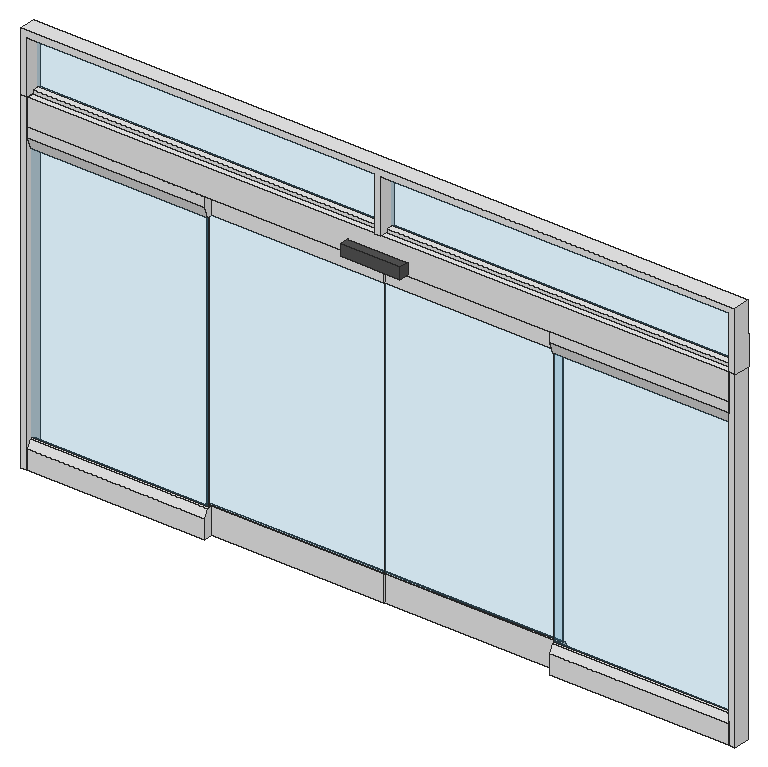
Revit family "Door_Sliding_AssaAbloy_AllGlass-Transom-BiPart", category Doors, host Wall, Revit 2023
Family settings
  Host = Wall
  OmniClass Number = 23.30.10.17.11
  OmniClass Title = Sliding Doors
  Always vertical = Yes
  Cut with Voids When Loaded = No
  Shared = No
  Room Calculation Point = No
Parameters (values of type "FSL 16 ft")
  Wall CL Offset Notes [instance] = "Use positive or negative values to determine location"  # constant formula
  Transom Height [instance] = 1' - 4"
  Standards Conformance = "as Specified"
  Rail Height_Bottom [instance] = 0' - 7"
  RO Offset = 0' - 0 1/4"
  Panel Thickness = 0' - 1 7/8"
  Panel Height [instance] = if(Include Threshold, Height - 0' 0 5/8" - 0' 7 1/8", Height - 0' 0 1/8" - 0' 7 1/8")  # 6' - 10 1/2"
  Offset from Wall CL [instance] = 0' - 0"
  Include Threshold [instance] = no
  Hardware Finish [instance] = Plastic - Black
  Glazing Type [instance] = ""
  Glazing Tint [instance] = Glass
  Glazing Thickness [instance] = 0' - 0 1/4"
  Glazing Configuration [instance] = ""
  Function = Interior
  Jamb Width = 0' - 1 3/4"
  Frame Thickness = 0' - 4 1/2"
  Frame Finish [instance] = Metal - Aluminum - Besam - Anodized - Clear
  Electrical_Voltage [instance] = 0 V
  Electrical_Frequency [instance] = 0 Hz
  Electrical_Amperage [instance] = 0 A
  Clear Opening Width = 6' - 10 1/8"
  Clear Opening Height [instance] = if(1 = 1, Height - 0' 8 7/8", 0' 0")  # 6' - 8 7/8"
  Panel Width = (((Width / 2) - Jamb Width) / 2) + (0' 1" / 2) + 0' 0 1/4"  # 3' - 11 7/8"
  Warranty Duration (Years) = 0
  URL = "http://www.besam-usa.com/en/besam/us/"
  Thickness = 0' - 0"  # constant formula
  Test Data = ""
  Specification = "http://www.arcat.com/sd/clients/besamaut.html?coid=30906"
  SpecWizard = "http://www.arcat.com/specwizard/clients/besamaut.html?coid=30906"
  Send Message = "http://www.arcat.com/users.pl?action=UserEmail&company=Besam%20Entrance%20Solutions&coid=30906&rep=141&fax=704-290-5555&mf="
  Sales Information = "http://www.besam-usa.com/en/besam/us/About-us/Contact-Us/"
  Rough Width = (Width + (RO Offset * 2))  # 16' - 0 1/2"
  Rough Height = (Height + (RO Offset))  # 7' - 6"
  Product Properties = "http://www.besam-usa.com/en/besam/us/Products/"
  Product Data = "http://www.arcat.com/arcatcos/cos30/arc30906.html"
  Manufacturer Website = "http://www.besam-usa.com/en/besam/us/"
  Manufacturer Phone - Toll Free = "877-SPEC-123"
  Manufacturer Fax = "704-290-5555"
  Manufacturer Address = "1900 Airport Rd., Monroe, NC 28110"
  Maintenance Schedule (Months) = 0
  Installation-Fabrication = "http://www.besam-usa.com/en/besam/us/Downloads/"
  Installation Phase = ""
  Green Building-LEED = "http://www.arcat.com/green/clients/leed_data_30906.html"
  Model = "Besam SL500 CGL BPT FSL16"
  Manufacturer = "ASSA ABLOY Entrance Systems"
  Keynote = "08463"
  Height = 7' - 5 3/4"
  Wall Closure = By host
  Width = 16' - 0"
  Fire Rating = "As Specified"
  Expected Lifespan (Years) = 0
  Drawn By = "Sumex Design, Inc. / Robert S. Weygant, CSI, CDT, SCIP"
  Description = "ASSA ABLOY All Glass BiPart Sliding Door - Besam SL500 CGL BPT FSL16 as Specified"
  Copyright = "©Arcat Inc."
  Construction Details = "http://www.arcat.com/details/besamaut/besamaut.html?coid=30906"
  Building Codes = ""
  Assembly Code = "B2030110"
Types (4): name | Clear Opening Width | Panel Width | Rough Width | Model | Width | Description
  FSL 16 ft | 6' - 10 1/8" | 3' - 11 7/8" | 16' - 0 1/2" | "Besam SL500 CGL BPT FSL16" | 16' - 0" | "ASSA ABLOY All Glass BiPart Sliding Door - Besam SL500 CGL BPT FSL16 as Specified"
  FSL 14 ft | 5' - 10 1/8" | 3' - 5 7/8" | 14' - 0 1/2" | "Besam SL500 CGL BPT FSL14" | 14' - 0" | "ASSA ABLOY All Glass BiPart Sliding Door - Besam SL500 CGL BPT FSL14 as Specified"
  FSL 12 ft | 4' - 10 1/8" | 2' - 11 7/8" | 12' - 0 1/2" | "Besam SL500 CGL BPT FSL12" | 12' - 0" | "ASSA ABLOY All Glass BiPart Sliding Door - Besam SL500 CGL BPT FSL12 as Specified"
  FSL 10 ft | 3' - 10 1/8" | 2' - 5 7/8" | 10' - 0 1/2" | "Besam SL500 CGL BPT FSL10" | 10' - 0" | "ASSA ABLOY All Glass BiPart Sliding Door - Besam SL500 CGL BPT FSL10 as Specified"
Reference planes (in)
  plane 1 "Center (Front/Back)": y = -33.96225
  plane 2 "Center (Left/Right)": x = 64.28704
  plane 3: z = 0
  plane 4 "Right": x = 160.28704
  plane 5 "Left": x = -31.71296
  plane 6 "Closure": y = -35.96225
  plane 7: z = 0
  plane 8 "Top of Frame": z = 89.75
  plane 9 "RO Top": z = 106
  plane 10 "RO Right": x = 160.53704
  plane 11 "RO Left": x = -31.96296
  plane 12 "Frame Ext": y = -31.71225
  plane 13 "Frame Int": y = -36.21225
  plane 14: z = 0.125
  plane 15: x = 158.53704
  plane 16: x = -29.96296
  plane 17: z = 82.625
  plane 18: x = 17.91204
  plane 19: x = 110.66204
  plane 20: y = -34.64975
  plane 21: y = -34.77475
  plane 22: y = -34.52475
  plane 23: z = 105.75
Forms (in)
  Extrusion 1, void
    sketch origin (0, -33.96225, 0) x (1, 0, 0) y (0, 0, 1)
      loop
        line (67.28704, 0) -> (67.28704, 2.875) -> (61.28704, 2.875) -> (61.28704, 0) -> (67.28704, 0)
    from 0 <- "Offset from Wall CL" to 12.0625
  Extrusion 2, void
    sketch origin (0, -33.96225, 0) x (-1, 0, 0) y (0, 0, 1)
      loop
        line (-19.16204, 0) -> (-19.16204, 1.875) -> (-22.16204, 1.875) -> (-22.16204, 0) -> (-19.16204, 0)
    from 0 to 12
  Extrusion 3, void
    sketch origin (0, -33.96225, 0) x (-1, 0, 0) y (0, 0, 1)
      loop
        line (-109.41204, 0) -> (-106.41204, 0) -> (-106.41204, 1.875) -> (-109.41204, 1.875) -> (-109.41204, 0)
    from -2.25 to 12
Lines and regions (in)
  Opening 1
    outline origin (-109.33485, -35.96225, 0) x (1, 0, 0) y (0, 0, 1)
      loop
        line (77.37189, 0) -> (269.87189, 0) -> (269.87189, 106) -> (77.37189, 106) -> (77.37189, 0)
Text (in)
  text "Exterior" at (48.04558, 2.31104, 0), in view "Plan"
  text "Interior" at (48.04558, -50.14366, 0), in view "Plan"
  text "Exterior" at (0, -17.98638, 123.01588), in view "Right"
  text "Interior" at (0, -64.39139, 123.01588), in view "Right"
  text "Interior" at (0, -52.09468, 121.14095), in view "Left"
  text "Exterior" at (0, 26.35325, 123.00693), in view "Left"
Dimensions and locks (in)
  equal spacing: plane 4 "Right", plane 2 "Center (Left/Right)", plane 5 "Left"
  "Width": plane 5 "Left" to plane 4 "Right"
  "Height": level to plane 8 "Top of Frame"
  "RO Offset": plane 5 "Left" to plane 11 "RO Left"
  "RO Offset": plane 10 "RO Right" to plane 4 "Right"
  "Frame Thickness": plane 12 "Frame Ext" to plane 13 "Frame Int"
  equal spacing: plane 12 "Frame Ext", plane 1 "Center (Front/Back)", plane 13 "Frame Int"
  "Jamb Width": plane 5 "Left" to plane 16
  "Jamb Width": plane 4 "Right" to plane 15
  locked: plane 17 to plane 8 "Top of Frame" at 7.125
  "Panel Width": plane 19 to plane 15
  "Panel Width": plane 16 to plane 18
  locked: plane 20 to plane 13 "Frame Int" at 1.5625
  equal spacing: plane 22, plane 20, plane 21
  "Glazing Thickness": plane 22 to plane 21
  "Panel Height": plane 14 to plane 17
  "Transom Height": plane 23 to plane 8 "Top of Frame"
  "RO Offset": plane 9 "RO Top" to plane 23
  aligned and locked: host wall to plane 1 "Center (Front/Back)"
  aligned and locked: host wall to plane 6 "Closure"
  aligned and locked: Opening 1 sketch curve to level
  aligned and locked: plane 10 "RO Right" to Opening 1 sketch curve
  aligned and locked: Opening 1 sketch curve to plane 9 "RO Top"
  aligned and locked: plane 11 "RO Left" to Opening 1 sketch curve
  aligned and locked: plane 2 "Center (Left/Right)" to nested 2
  aligned and locked: plane 2 "Center (Left/Right)" to nested 4
  aligned and locked: nested 1 to plane 16
  aligned and locked: nested 3 to plane 15
  aligned: nested 4 to plane 12 "Frame Ext"
  aligned: plane 12 "Frame Ext" to nested 2
  aligned and locked: nested 5 to Extrusion 1
  aligned and locked: nested 3 to Extrusion 3
  aligned and locked: nested 1 to Extrusion 3
  aligned and locked: nested 2 to Extrusion 2
  aligned and locked: nested 4 to Extrusion 2
  aligned and locked: plane 14 to nested 3
  aligned and locked: plane 14 to nested 4
  aligned and locked: nested 2 to plane 14
  aligned and locked: nested 1 to plane 14
Automatic sketch dimensions
  Extrusion 1 sketch curve to level = 0' - 0"
  Extrusion 1 sketch curve to plane 2 "Center (Left/Right)" = 0' - 3"
  plane 2 "Center (Left/Right)" to Extrusion 1 sketch curve = 0' - 3"
  plane 14 to Extrusion 1 sketch curve = 0' - 2 3/4"
  Extrusion 2 sketch curve to Extrusion 1 = 0' - 0"
  Extrusion 2 sketch curve to Extrusion 1 = 0' - 1"
  Extrusion 1 to Extrusion 2 sketch curve = 3' - 6 1/8"
  Extrusion 2 sketch curve to Extrusion 2 sketch curve = 0' - 3"
  Extrusion 3 sketch curve to Extrusion 1 = 0' - 0"
  Extrusion 1 to Extrusion 3 sketch curve = 3' - 3 1/8"
  Extrusion 3 sketch curve to Extrusion 1 = 0' - 1"
  Extrusion 3 sketch curve to Extrusion 3 sketch curve = 0' - 3"
Nested families (in)
  nested 1: "Panel_AllGlass" at (-6.02546, -35.27475, 0.125) x (-1, 0, 0) z (0, 0, 1), Glass Type <- "Glazing Tint", Width <- "Panel Width", Thickness <- "Panel Thickness", Height <- "Panel Height", Glass Thickness <- "Glazing Thickness", Frame Material <- "Frame Finish", type "Panel_AllGlass"
    with Width 3' - 11 7/8", Thickness 0' - 1 7/8", Slide Right no, Slide Left no, Pivot Flat Side yes, Pivot Curved Side no, Muntin no, Height 6' - 10 1/2", Glass Type Glass, Glass Thickness 0' - 0 1/4", Frame Material Metal - Aluminum - Besam - Anodized - Clear, Flat Corner yes, 2 Curved Corners no
  nested 2: "Panel_AllGlass" at (40.34954, -33.02475, 0.125), Glass Type <- "Glazing Tint", Width <- "Panel Width", Thickness <- "Panel Thickness", Height <- "Panel Height", Glass Thickness <- "Glazing Thickness", Frame Material <- "Frame Finish", type "Panel_AllGlass"
    with Width 3' - 11 7/8", Thickness 0' - 1 7/8", Slide Right no, Slide Left yes, Pivot Flat Side no, Pivot Curved Side yes, Muntin no, Height 6' - 10 1/2", Glass Type Glass, Glass Thickness 0' - 0 1/4", Frame Material Metal - Aluminum - Besam - Anodized - Clear, Flat Corner yes, 2 Curved Corners no
  nested 3: "Panel_AllGlass" at (134.59954, -35.27475, 0.125), Glass Type <- "Glazing Tint", Width <- "Panel Width", Thickness <- "Panel Thickness", Height <- "Panel Height", Glass Thickness <- "Glazing Thickness", Frame Material <- "Frame Finish", type "Panel_AllGlass"
    with Width 3' - 11 7/8", Thickness 0' - 1 7/8", Slide Right no, Slide Left no, Pivot Flat Side yes, Pivot Curved Side no, Muntin no, Height 6' - 10 1/2", Glass Type Glass, Glass Thickness 0' - 0 1/4", Frame Material Metal - Aluminum - Besam - Anodized - Clear, Flat Corner yes, 2 Curved Corners no
  nested 4: "Panel_AllGlass" at (88.22454, -33.02475, 0.125) x (-1, 0, 0) z (0, 0, 1), Glass Type <- "Glazing Tint", Width <- "Panel Width", Thickness <- "Panel Thickness", Height <- "Panel Height", Glass Thickness <- "Glazing Thickness", Frame Material <- "Frame Finish", type "Panel_AllGlass"
    with Width 3' - 11 7/8", Thickness 0' - 1 7/8", Slide Right no, Slide Left yes, Pivot Flat Side no, Pivot Curved Side yes, Muntin no, Height 6' - 10 1/2", Glass Type Glass, Glass Thickness 0' - 0 1/4", Frame Material Metal - Aluminum - Besam - Anodized - Clear, Flat Corner yes, 2 Curved Corners no
  nested 5: "Frame" at (64.28704, -33.96225, 0), hardware finish <- "Hardware Finish", glazing <- "Glazing Tint", frame finish <- "Frame Finish", width <- "Width", height <- "Height", threshold <- "Include Threshold", transom height <- "Transom Height", type "Frame"
    with width 16' - 0", transom height 1' - 4", threshold no, panel width 3' - 5 7/8", height 7' - 5 3/4", hardware finish Plastic - Black, glazing Glass, frame finish Metal - Aluminum - Besam - Anodized - Clear
Definition of nested family "Panel_AllGlass"
  Parameters
    Width [instance] = 3' - 0"
    Thickness [instance] = 0' - 1 7/8"
    Slide Right [instance] = yes
    Slide Left [instance] = yes
    Rail Width_Top = 0' - 5 1/2"
    Rail Width_Base = 0' - 7"
    Pivot Flat Side [instance] = no
    Pivot Curved Side [instance] = yes
    Muntin [instance] = no
    Height [instance] = 7' - 0"
    Glass Type [instance] = none
    Glass Thickness [instance] = 0' - 0 1/4"
    Frame Material [instance] = none
    Flat Corner [instance] = not([2 Curved Corners])  # yes
    Assembly Code = ""
    2 Curved Corners [instance] = no
  Reference planes (in)
    plane 1 "Center (Front/Back)": y = 0
    plane 2: z = 0
    plane 3 "Center (Left/Right)": x = 0
    plane 4: x = -18
    plane 5: x = 18
    plane 6 "Frame_Ext": y = 0.9375
    plane 7 "Frame_Int": y = -0.9375
    plane 8: z = 84
    plane 9: z = 78.5
    plane 10: z = 7
    plane 11 "Glass_Ext": y = -0.4375
    plane 12 "Glass_Int": y = -0.6875
    plane 13: z = 42
  Forms (in)
    Extrusion 1, solid, material <- "Glass Type"
      sketch origin (-19.12252, -0.6875, 48) x (-1, 0, 0) y (0, 0, -1)
        loop
          line (-1.12252, -30.5) -> (-1.12252, 41) -> (-37.12252, 41) -> (-37.12252, -30.5) -> (-1.12252, -30.5)
      from 0 to -0.25
    Sweep 2, solid, material <- "Frame Material"
      path origin (0, 0, 0) x (1, 0, 0) y (0, 0, 1)
        loop
          line (-18, 84) -> (18, 84)
      profile origin (0, 0, 84) x (0, 0, 1) y (0, -1, 0)
        loop
          line (0, -0.9375) -> (0, 0.9375) -> (-5.5, 0.9375) -> (-5.5, 0.07597) -> (-2.71553, -0.9375) -> (0, -0.9375)
    Sweep 3, solid, material <- "Frame Material"
      path origin (0, 0, 0) x (1, 0, 0) y (0, 0, 1)
        loop
          line (-18, 0) -> (18, 0)
      profile origin (0, 0, 0) x (0, 0, 1) y (0, -1, 0)
        loop
          line (5.05144, -0.9375) -> (7, 0) -> (7, 0.9375) -> (0, 0.9375) -> (0, -0.9375) -> (5.05144, -0.9375)
  Lines and regions (in)
    Masking region 1, visible <- "Slide Right"
      outline origin (0, 0, 0) x (1, 0, 0) y (0, 1, 0)
        loop
          line (-1.75, -4.4375) -> (-1.75, -6.4375) -> (1.75, -6.4375) -> (1.75, -7.4375) -> (3.75, -5.4375) -> (1.75, -3.4375) -> (1.75, -4.4375) -> (-1.75, -4.4375)
    Masking region 2, visible <- "Slide Left"
      outline origin (0, 0, 0) x (0, 1, 0) y (-1, 0, 0)
        loop
          line (-4.4375, -1.75) -> (-4.4375, 1.75) -> (-3.4375, 1.75) -> (-5.4375, 3.75) -> (-7.4375, 1.75) -> (-6.4375, 1.75) -> (-6.4375, -1.75) -> (-4.4375, -1.75)
    symbolic lines, visible <- "Pivot Curved Side"
      curve 1: arc (18, -0.01635, 0) -> (7.45584, 25.43949, 0) -> (-18, 35.98365, 0) r 36
      curve 2: line (-18, 35.98365, 0) -> (-18, 0, 0)
    model lines, visible <- "Slide Right"
      curve 3: line (-1.75, -0.9375, 47) -> (1.75, -0.9375, 47)
      curve 4: line (1.75, -0.9375, 47) -> (1.75, -0.9375, 48)
      curve 5: line (-1.75, -0.9375, 47) -> (-1.75, -0.9375, 45)
      curve 6: line (-1.75, -0.9375, 45) -> (1.75, -0.9375, 45)
      curve 7: line (1.75, -0.9375, 45) -> (1.75, -0.9375, 44)
      curve 8: line (1.75, -0.9375, 44) -> (3.75, -0.9375, 46)
      curve 9: line (1.75, -0.9375, 48) -> (3.75, -0.9375, 46)
      curve 17: line (-1.75, 0.9375, 47) -> (1.75, 0.9375, 47)
      curve 18: line (-1.75, 0.9375, 47) -> (-1.75, 0.9375, 45)
      curve 19: line (-1.75, 0.9375, 45) -> (1.75, 0.9375, 45)
      curve 20: line (1.75, 0.9375, 45) -> (1.75, 0.9375, 44)
      curve 21: line (1.75, 0.9375, 44) -> (3.75, 0.9375, 46)
      curve 29: line (1.75, 0.9375, 47) -> (1.75, 0.9375, 48)
      curve 30: line (1.75, 0.9375, 48) -> (3.75, 0.9375, 46)
    model lines, visible <- "Slide Left"
      curve 10: line (1.75, -0.9375, 47) -> (-1.75, -0.9375, 47)
      curve 11: line (-1.75, -0.9375, 47) -> (-1.75, -0.9375, 48)
      curve 12: line (1.75, -0.9375, 47) -> (1.75, -0.9375, 45)
      curve 13: line (1.75, -0.9375, 45) -> (-1.75, -0.9375, 45)
      curve 14: line (-1.75, -0.9375, 45) -> (-1.75, -0.9375, 44)
      curve 15: line (-1.75, -0.9375, 44) -> (-3.75, -0.9375, 46)
      curve 16: line (-1.75, -0.9375, 48) -> (-3.75, -0.9375, 46)
      curve 22: line (1.75, 0.9375, 47) -> (-1.75, 0.9375, 47)
      curve 23: line (1.75, 0.9375, 47) -> (1.75, 0.9375, 45)
      curve 24: line (1.75, 0.9375, 45) -> (-1.75, 0.9375, 45)
      curve 25: line (-1.75, 0.9375, 45) -> (-1.75, 0.9375, 44)
      curve 26: line (-1.75, 0.9375, 44) -> (-3.75, 0.9375, 46)
      curve 27: line (-1.75, 0.9375, 47) -> (-1.75, 0.9375, 48)
      curve 28: line (-1.75, 0.9375, 48) -> (-3.75, 0.9375, 46)
  Dimensions and locks (in)
    equal spacing: plane 7 "Frame_Int", plane 1 "Center (Front/Back)", plane 6 "Frame_Ext"
    "Thickness": plane 6 "Frame_Ext" to plane 7 "Frame_Int"
    equal spacing: plane 4, plane 3 "Center (Left/Right)", plane 5
    "Width": plane 4 to plane 5
    "Height": plane 8 to level
    "Rail Width_Top": plane 8 to plane 9
    "Rail Width_Base": plane 10 to level
    "Glass Thickness": plane 12 "Glass_Int" to plane 11 "Glass_Ext"
    equal spacing: plane 8, plane 13, level
    locked: plane 12 "Glass_Int" to plane 7 "Frame_Int" at 0.25
    locked: Sweep 2 sketch curve to plane 9 at 2.78447
    locked: plane 10 to Sweep 3 sketch curve at 1.94856
    aligned and locked: plane 9 to Sweep 2 sketch curve
    aligned and locked: plane 7 "Frame_Int" to Sweep 2 sketch curve
    aligned and locked: Sweep 2 sketch curve to plane 6 "Frame_Ext"
    aligned and locked: Sweep 3 sketch curve to plane 10
    aligned and locked: plane 7 "Frame_Int" to Sweep 3 sketch curve
    aligned and locked: Sweep 3 sketch curve to plane 6 "Frame_Ext"
    aligned and locked: plane 11 "Glass_Ext" to Extrusion 1
  Automatic sketch dimensions
    plane 1 "Center (Front/Back)" to curve 2 = 0' - 0"
    curve 2 to plane 4 = 0' - 0"
    curve 1 to plane 5 = 0' - 0"
    plane 1 "Center (Front/Back)" to curve 1 = 0' - 0.01635"
    Extrusion 1 sketch curve to plane 5 = 0' - 0"
    Extrusion 1 sketch curve to plane 4 = 0' - 0"
    Extrusion 1 sketch curve to plane 10 = 0' - 0"
    Extrusion 1 sketch curve to plane 9 = 0' - 0"
    Sweep 2 sketch curve to plane 4 = 0' - 0"
    Sweep 2 sketch curve to plane 5 = 0' - 0"
    Sweep 2 sketch curve to plane 8 = 0' - 0"
    profile plane to Sweep 2 sketch curve = 0' - 0"
    plane 1 "Center (Front/Back)" to Sweep 2 sketch curve = 0' - 0.07597"
    Sweep 3 sketch curve to level = 0' - 0"
    Sweep 3 sketch curve to plane 4 = 0' - 0"
    Sweep 3 sketch curve to plane 5 = 0' - 0"
    profile plane to Sweep 3 sketch curve = 0' - 0"
    Sweep 3 sketch curve to plane 1 "Center (Front/Back)" = 0' - 0"
    plane 3 "Center (Left/Right)" to curve 9 = 0' - 3 3/4"
    plane 3 "Center (Left/Right)" to curve 4 = 0' - 1 3/4"
    curve 10 to plane 3 "Center (Left/Right)" = 0' - 1 3/4"
    curve 3 to curve 16 = 0' - 2"
    plane 13 to curve 14 = 0' - 2"
    plane 13 to curve 7 = 0' - 2"
    curve 7 to curve 13 = 0' - 1"
    curve 6 to curve 9 = 0' - 1"
    curve 5 to curve 15 = 0' - 1"
    curve 10 to curve 4 = 0' - 1"
    plane 3 "Center (Left/Right)" to curve 30 = 0' - 3 3/4"
    plane 3 "Center (Left/Right)" to curve 29 = 0' - 1 3/4"
    curve 22 to plane 3 "Center (Left/Right)" = 0' - 1 3/4"
    curve 17 to curve 26 = 0' - 2"
    plane 13 to curve 21 = 0' - 2"
    plane 13 to curve 25 = 0' - 2"
    curve 25 to curve 18 = 0' - 1"
    curve 18 to curve 28 = 0' - 1"
    curve 19 to curve 30 = 0' - 1"
    curve 23 to curve 29 = 0' - 1"
    Masking region 1 sketch curve to plane 3 "Center (Left/Right)" = 0' - 1 3/4"
    plane 3 "Center (Left/Right)" to Masking region 1 sketch curve = 0' - 1 3/4"  (x2)
    Masking region 1 sketch curve to Masking region 1 sketch curve = 0' - 2"  (x2)
    Masking region 1 sketch curve to plane 7 "Frame_Int" = 0' - 6 1/2"
    Masking region 1 sketch curve to Masking region 1 sketch curve = 0' - 1"  (x2)
    Masking region 2 sketch curve to plane 3 "Center (Left/Right)" = 0' - 1 3/4"  (x2)
    Masking region 2 sketch curve to plane 7 "Frame_Int" = 0' - 6 1/2"
    Masking region 2 sketch curve to Masking region 2 sketch curve = 0' - 1"  (x3)
    Masking region 2 sketch curve to Masking region 2 sketch curve = 0' - 2"
    plane 3 "Center (Left/Right)" to Masking region 2 sketch curve = 0' - 1 3/4"
Definition of nested family "Frame"
  Parameters
    width [instance] = 4' - 2"
    transom height [instance] = 1' - 3"
    threshold [instance] = yes
    panel width [instance] = 1' - 7 1/4"
    height [instance] = 5' - 3.19658"
    hardware finish [instance] = none
    glazing [instance] = none
    frame finish [instance] = none
    Default Elevation = 0' - 0"
    Assembly Code = ""
  Reference planes (in)
    plane 1 "Center (Front/Back)": y = 0
    plane 2: z = 0
    plane 3 "Center (Left/Right)": x = 0
    plane 4: x = -25
    plane 5: x = -23.25
    plane 6: x = 23.25
    plane 7: x = 25
    plane 8: z = 63.19658
    plane 9: z = 56.07158
    plane 10: z = 78.19658
  Forms (in)
    Extrusion 1, solid, material <- "frame finish"
      sketch origin (0, 0, 0) x (1, 0, 0) y (0, 1, 0)
        loop
          line (-25, -2.25) -> (-23.25, -2.25) -> (-23.25, 2.25) -> (-25, 2.25) -> (-25, -2.25)
        loop
          line (25, -2.25) -> (25, 2.25) -> (23.25, 2.25) -> (23.25, -2.25) -> (25, -2.25)
      from 0 to 63.19658
    Extrusion 2, solid, material <- "frame finish"
      sketch origin (0, 0, 0) x (0, 1, 0) y (0, 0, 1)
        loop
          line (-2.25, 63.19658) -> (-2.25, 56.07158) -> (2.25, 56.07158) -> (2.25, 63.19658) -> (-2.25, 63.19658)
      from -23.25 to 23.25
    Extrusion 3, solid, material <- "frame finish", visible <- "threshold"
      sketch origin (0, 0, 0) x (0, 1, 0) y (0, 0, 1)
        loop
          line (2.5, 0.5) -> (-2.5, 0.5) -> (-3.87374, 0) -> (3.87374, 0) -> (2.5, 0.5)
      from -23.25 to 23.25
    Extrusion 4, solid, material <- "hardware finish"
      sketch origin (0, 0, 0) x (0, 1, 0) y (0, 0, 1)
        loop
          line (2.25, 59.94658) -> (2.25, 56.94658) -> (4.75, 56.94658) -> (4.75, 59.94658) -> (2.25, 59.94658)
        loop
          line (-4.75, 59.32158) -> (-4.75, 56.32158) -> (-2.25, 56.32158) -> (-2.25, 59.32158) -> (-4.75, 59.32158)
      from 8 to -8
    Extrusion 5, solid, material <- "frame finish"
      sketch origin (0, 0, 0) x (1, 0, 0) y (0, 0, 1)
        loop
          line (-25, 78.19658) -> (-25, 63.19658) -> (-23.25, 63.19658) -> (-23.25, 76.44658) -> (-0.875, 76.44658) -> (-0.875, 63.19658) -> (0.875, 63.19658) -> (0.875, 76.44658) -> (23.25, 76.44658) -> (23.25, 63.19658) -> (25, 63.19658) -> (25, 78.19658) -> (-25, 78.19658)
      from -2.25 to 2.25
    Extrusion 6, solid, material <- "frame finish"
      sketch origin (0, 0, 0) x (1, 0, 0) y (0, 0, 1)
        loop
          line (-23.25, 64.19658) -> (-23.25, 63.19658) -> (23.25, 63.19658) -> (23.25, 64.19658) -> (-23.25, 64.19658)
      from -1.67852 to 0.29207
    Extrusion 7, solid, material <- "glazing"
      sketch origin (0, 0, 0) x (1, 0, 0) y (0, 0, 1)
        loop
          line (-23.25, 76.44658) -> (-23.25, 64.19658) -> (23.25, 64.19658) -> (23.25, 76.44658) -> (-23.25, 76.44658)
      from -1.21131 to -1.02391
  Dimensions and locks (in)
    equal spacing: plane 4, plane 3 "Center (Left/Right)", plane 7
    locked: plane 4 to plane 5 at 1.75
    locked: plane 6 to plane 7 at 1.75
    "width": plane 4 to plane 7
    "height": plane 8 to level
    locked: plane 8 to plane 9 at 7.125
    Extrusion 4 sketch curve to Extrusion 4 sketch curve to plane 9 = 0' - 3" locked, 0' - 0 1/4" locked
    Extrusion 4 sketch curve to Extrusion 4 sketch curve to plane 9 = 0' - 3" locked, 0' - 0 7/8" locked
    "transom height": plane 10 to plane 8
    locked: plane 10 to Extrusion 5 sketch curve at 1.75
    locked: Extrusion 6 sketch curve to plane 8 at 1
    locked: plane 10 to Extrusion 7 sketch curve at 1.75
    locked: Extrusion 7 sketch curve to plane 8 at 1
    Extrusion 5 sketch curve to plane 3 "Center (Left/Right)" to Extrusion 5 sketch curve = 0' - 0 7/8" locked, 0' - 0 7/8" locked
    aligned and locked: plane 2 to level
    aligned: plane 9 to Extrusion 1
    aligned and locked: plane 8 to Extrusion 1
    aligned and locked: plane 8 to Extrusion 2 sketch curve
    aligned and locked: Extrusion 2 sketch curve to plane 9
    aligned and locked: plane 6 to Extrusion 2
    aligned and locked: Extrusion 2 to plane 5
    aligned and locked: plane 6 to Extrusion 3
    aligned and locked: Extrusion 3 to plane 5
    aligned and locked: plane 5 to Extrusion 5 sketch curve
    aligned and locked: Extrusion 5 sketch curve to plane 4
    aligned and locked: Extrusion 5 sketch curve to plane 6
    aligned and locked: plane 7 to Extrusion 5 sketch curve
    aligned and locked: plane 10 to Extrusion 5 sketch curve
    aligned and locked: Extrusion 6 sketch curve to plane 6
    aligned and locked: plane 5 to Extrusion 6 sketch curve
    aligned and locked: plane 8 to Extrusion 6 sketch curve
    aligned and locked: plane 5 to Extrusion 7 sketch curve
    aligned and locked: Extrusion 7 sketch curve to plane 6
  Automatic sketch dimensions
    plane 1 "Center (Front/Back)" to Extrusion 1 sketch curve = 0' - 2 1/4"  (x2)
    Extrusion 1 sketch curve to plane 4 = 0' - 0"
    Extrusion 1 sketch curve to plane 5 = 0' - 0"
    Extrusion 1 sketch curve to plane 6 = 0' - 0"
    Extrusion 1 sketch curve to plane 7 = 0' - 0"
    Extrusion 1 sketch curve to Extrusion 1 sketch curve = 0' - 4 1/2"
    Extrusion 1 sketch curve to plane 1 "Center (Front/Back)" = 0' - 2 1/4"
    plane 1 "Center (Front/Back)" to Extrusion 2 sketch curve = 0' - 2 1/4"
    Extrusion 2 sketch curve to plane 1 "Center (Front/Back)" = 0' - 2 1/4"
    Extrusion 3 sketch curve to level = 0' - 0"
    Extrusion 3 sketch curve to Extrusion 3 sketch curve = 0' - 5"
    plane 1 "Center (Front/Back)" to Extrusion 3 sketch curve = 0' - 3.87374"
    level to Extrusion 3 sketch curve = 0' - 0 1/2"
    Extrusion 3 sketch curve to Extrusion 3 sketch curve = 0' - 1.37374"  (x2)
    plane 1 "Center (Front/Back)" to Extrusion 4 sketch curve = 0' - 4 3/4"
    plane 1 "Center (Front/Back)" to Extrusion 4 sketch curve = 0' - 2 1/4"
    Extrusion 4 sketch curve to plane 1 "Center (Front/Back)" = 0' - 2 1/4"
    Extrusion 4 sketch curve to Extrusion 4 sketch curve = 0' - 2 1/2"
    Extrusion 5 sketch curve to plane 8 = 0' - 0"  (x3)
    Extrusion 5 sketch curve to Extrusion 5 sketch curve = 0' - 0"
